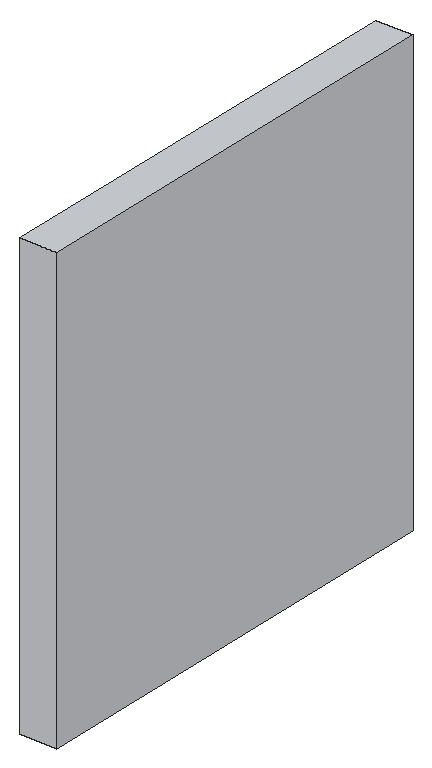
Revit family "M_Tampa retangular", category Conexões de duto, Revit 2019
Family settings
  Cota do conector redondo = Utilizar diâmetro
  Tipo de parte = Cobertura
  Número OmniClass = 23.75.70.14
  Título OmniClass = Air Ductwork
  ID de item do Seek = Rectangular Endcap-0000-CAN-ENU
  Com base no plano de trabalho = Não
  Sempre na vertical = Sim
  Corte com vazios quando carregada = Não
  Compartilhado = Não
Parameters (values of type "Padrão")
  Largura do duto [instance] = 300 mm
  built-in parameter 1114242 [instance] = (empty or 0)
  Comprimento do duto = 25 mm
  Altura do duto [instance] = 300 mm
Reference planes
  plane 1 "Centro (Frente/Trás)": y = 0
  plane 2: z = 0
  plane 3 "Centro (Esquerda/Direita)": x = 0
  plane 4: x = 25
Forms (mm)
  Sweep 1, solid, detail levels medium+fine
    path in 3D
      loop
        line (0, 0, 0) -> (25, 0, 0)
    profile "M_Duto - Retangular : Duto - Retangular" origin (12.5, 0, 0) x (0, 1, 0) y (0, 0, 1)
      loop
        line (-150, 150) -> (-150, -150) -> (150, -150) -> (150, 150) -> (-150, 150)
Lines and regions (mm)
  reference lines
    curve 1: line (0, 0, 0) -> (25, 0, 0)
    curve 6: line (0, 0, 0) -> (25, 0, 0)
  sketch lines
    curve 2: line (0, 0, 0) -> (25, 0, 0)
  model lines, style "DuctFitting", detail levels coarse
    curve 3: line (0, 150, 0) -> (0, -150, 0)
    curve 4: line (0, -150, 0) -> (-101.6, -150, 0)
    curve 5: line (0, 150, 0) -> (-101.6, 150, 0)
Dimensions and locks
  "Comprimento do duto": plane 3 "Centro (Esquerda/Direita)" to plane 4
  aligned and locked: plane 1 "Centro (Frente/Trás)" to curve 1
  aligned and locked: plane 3 "Centro (Esquerda/Direita)" to curve 1
  aligned and locked: Sweep 1 to curve 5
  aligned and locked: plane 3 "Centro (Esquerda/Direita)" to curve 6
  aligned and locked: plane 1 "Centro (Frente/Trás)" to curve 6
  aligned and locked: curve 4 to Sweep 1
Automatic sketch dimensions
  curve 5 to plane 3 "Centro (Esquerda/Direita)" = 0 mm
  curve 5 to curve 3 = 101.6 mm
  curve 4 to curve 3 = 101.6 mm
  curve 1 to plane 4 = 0 mm
  curve 6 to plane 4 = 0 mm
Connectors
  hvac at (0, 0, 0), driven by "Altura do duto", driven by "Largura do duto"
    settings: on Sweep 1, index 1, duct flow 0.0 L/s, flow factor 0, pres drop 0.0 Pa, loss coef 0, conn angle 0.00°, conn width 300 mm, conn height 300 mm, conn diameter 609.6 mm, duct sys type 28, conn prof type 1, flow config 0, flow direction 0, loss method 0, conn ref index -1, conn util no, is conn primary yes, conn desc ""
